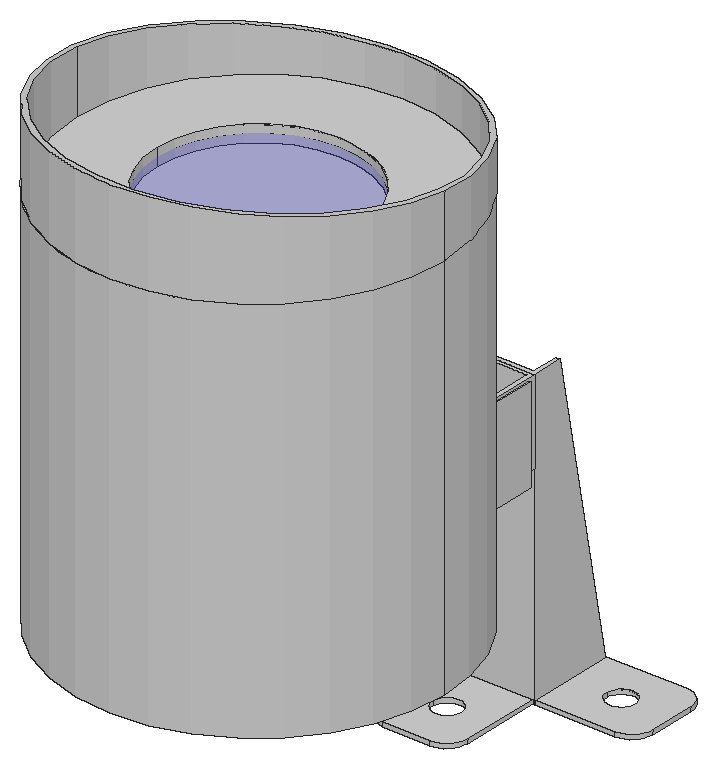
Revit family "шаблон семейства 2017", category Датчики, Revit 2017
Family settings
  Сохранять ориентацию аннотаций = Нет
  Размер круглого соединителя = Использовать диаметр
  Тип детали = Нормальный
  На основе рабочей плоскости = Нет
  Всегда вертикально = Нет
  При загрузке вырезать с полостями = Нет
  Общий = Нет
  Точка расчета площади = Нет
Parameters (values of type "STS-103 Извещатель охранный")
  угол поворота [instance] = 0.00°
  Ширина/высота зоны обнаружения на дистанции 50 метров, м = "3/2"
  Устойчивость к белому свету, не менее, Лк = 20000
  Смещение_УГО_Y [instance] = 1000 mm
  Смещение_УГО_X [instance] = 1000 mm
  Режим работы = "круглосуточный"
  Раздел проекта [instance] = ""
  Раздел Спецификации [instance] = ""
  Потребляемый ток, не более, мА, при напряжении электропитания 9В = "0,006"
  Потребляемый ток, не более, мА, при напряжении электропитания 30В = 0.003
  Потребляемый ток, не более, мА, при напряжении электропитания 12В = 0.005
  Потребляемый ток, не более, мА, при напряжении электропитания = "9В"
  Наработка на ложное срабатывание, ч = 1200
  Напряжение электропитания постоянного тока, В = "9-30"
  Исполнительное реле коммутируемый ток, не более, А = 0.13 A
  Исполнительное реле коммутируемое напряжение, не более, В = 72
  Исполнение = "IP65"
  Информационный выход = "Релейный, RS-485"
  Зона обнаружения извещателя, не более, м = 50 mm
  Длительность тревожного извещения, не менее, с = 5
  Диапазон регистрируемых скоростей нарушителя, м/с = "от 0,1 до 5"
  Диапазон рабочих температур, °С = "-40…+50"
  Время готовности после включения, не более, с = 50
  Время восстановления режима готовности после срабатывания, не более, с = 10
  Видимость зоны обнаружения = yes
  В_Смещение_УГО_Y [instance] = Смещение_УГО_Y + 2000 mm  # 3000 mm
  В_Смещение_УГО_X [instance] = Смещение_УГО_X + 2000 mm  # 3000 mm
  d_короба = 20 mm
  ADSK_Размер_Ширина = 90 mm
  ADSK_Размер_Длина = 165 mm
  ADSK_Размер_Высота = 95 mm
  ADSK_Примечание = ""
  ADSK_Наименование = "Извещатель охранный STS-103"
  ADSK_Масса = 0.9
  ADSK_Марка = "СТВФ.426479.056"
  ADSK_Количество = 1
  ADSK_Завод-изготовитель = "ООО «Основа Безопасности»"  # constant formula
  ADSK_Единица измерения = "шт."  # constant formula
  ADSK_URL страницы изделия = "https://stilsoft.ru/products/sts-103"
  ADSK_URL документации изделия = ""
Reference planes
  plane 1 "По центру (Вперед/Назад)": y = 0
  plane 2: z = 0
  plane 3 "По центру (Влево/Вправо)": x = 0
  plane 4: y = 2000
  plane 5: x = -2000
  plane 6: x = 1000
  plane 7: y = -1000
  plane 8: y = -12.5
  plane 9: y = -8.669
  plane 10: z = 59.508
  plane 11: y = -111.907
Forms (mm)
  Extrusion 1, solid, material "По умолчанию", detail levels medium+fine
    sketch origin (0, 21, 0) x (1, 0, 0) y (0, 1, 0)
      loop
        arc (-30, 0) -> (-33.536, -1.464) -> (-35, -5) r 5
        line (-35, -5) -> (-35, -16)
        arc (-35, -16) -> (-33.536, -19.536) -> (-30, -21) r 5
        line (-30, -21) -> (-11, -21) -> (-11, 0) -> (-30, 0)
      loop
        circle (-23, -10.5) r 3.435
      loop
        line (30, 0) -> (11, 0) -> (11, -21) -> (30, -21)
        arc (30, -21) -> (33.536, -19.536) -> (35, -16) r 5
        line (35, -16) -> (35, -5)
        arc (35, -5) -> (33.536, -1.464) -> (30, 0) r 5
      loop
        circle (23, -10.5) r 3.435
      loop
        line (10.37, -40.071) -> (10.5, -21.072) -> (-10.5, -20.928) -> (-10.63, -39.928)
        arc (-10.63, -39.928) -> (-9.189, -43.473) -> (-5.664, -44.962) r 5
        line (-5.664, -44.962) -> (5.336, -45.037)
        arc (5.336, -45.037) -> (8.881, -43.597) -> (10.37, -40.071) r 5
      loop
        circle (-0.082, -33) r 3.435
    from 0 to 1
  Blend 2, solid, material "По умолчанию", detail levels medium+fine
    base sketch origin (0, 21, 0) x (1, 0, 0) y (0, 1, 0)
      loop
        line (-11, 0) -> (-11, -21) -> (11, -21) -> (11, 0) -> (10.004, 0) -> (10.004, -20.007) -> (-9.967, -20.007) -> (-9.967, 0) -> (-11, 0)
    top sketch origin (0, 21, 0) x (1, 0, 0) y (0, 1, 0)
      loop
        line (-11, -13.68) -> (-11, -21) -> (11, -21) -> (11, -13.68) -> (10.004, -13.68) -> (10.004, -20.007) -> (-9.967, -20.007) -> (-9.967, -13.68) -> (-11, -13.68)
    from 0 to 70
  Extrusion 3, solid, material "По умолчанию", detail levels medium+fine
    sketch origin (0, 21, 0) x (1, 0, 0) y (0, 1, 0)
      loop
        line (-11, -21) -> (-11, -45) -> (-10, -45) -> (-10, -22) -> (10, -22) -> (10, -45) -> (11, -45) -> (11, -21) -> (-11, -21)
    from 50 to 70
Lines and regions (mm)
  reference lines
    curve 1: line (0, -12.5, 59.508) -> (0, -12.5, 139.508)
Dimensions and locks
  locked: plane 4 to plane 1 "По центру (Вперед/Назад)" at 2000
  locked: plane 5 to plane 3 "По центру (Влево/Вправо)" at 2000
  "В_Смещение_УГО_X": plane 5 to plane 6
  "В_Смещение_УГО_Y": plane 4 to plane 7
  locked: plane 8 to plane 9 at 3.831
  "угол поворота": angle plane 9 to curve 1
  aligned and locked: level to plane 2
  aligned and locked: plane 10 to curve 1
  aligned and locked: plane 8 to curve 1
  aligned and locked: nested 1 to curve 1
Automatic sketch dimensions
  Extrusion 1 sketch curve to plane 1 "По центру (Вперед/Назад)" = 21 mm  (x2)
  Extrusion 1 sketch curve to Extrusion 1 sketch curve = 7 mm  (x3)
  Extrusion 1 sketch curve to plane 3 "По центру (Влево/Вправо)" = 10.63 mm
  Extrusion 1 sketch curve to plane 3 "По центру (Влево/Вправо)" = 10.5 mm
  Extrusion 1 sketch curve to Extrusion 1 sketch curve = 4.966 mm  (x2)
  Extrusion 1 sketch curve to Extrusion 1 sketch curve = 5 mm  (x3)
  Extrusion 1 sketch curve to Extrusion 1 sketch curve = 5.548 mm
  Extrusion 1 sketch curve to Extrusion 1 sketch curve = 0.034 mm
  Extrusion 1 sketch curve to plane 1 "По центру (Вперед/Назад)" = 16 mm
  Extrusion 1 sketch curve to Extrusion 1 sketch curve = 5.5 mm  (x3)
  Extrusion 1 sketch curve to Extrusion 1 sketch curve = 11 mm
  plane 1 "По центру (Вперед/Назад)" to Extrusion 1 sketch curve = 24.037 mm
  Extrusion 1 sketch curve to Extrusion 1 sketch curve = 0.075 mm
  Extrusion 1 sketch curve to Extrusion 1 sketch curve = 6.962 mm
  Extrusion 1 sketch curve to plane 3 "По центру (Влево/Вправо)" = 11 mm
  plane 3 "По центру (Влево/Вправо)" to Extrusion 1 sketch curve = 11 mm
  Blend 2 sketch curve to plane 1 "По центру (Вперед/Назад)" = 21 mm  (x2)
  Blend 2 sketch curve to plane 3 "По центру (Влево/Вправо)" = 11 mm  (x2)
  plane 3 "По центру (Влево/Вправо)" to Blend 2 sketch curve = 10.004 mm  (x2)
  Blend 2 sketch curve to Blend 2 sketch curve = 0.996 mm  (x2)
  plane 1 "По центру (Вперед/Назад)" to Blend 2 sketch curve = 0 mm  (x2)
  Blend 2 sketch curve to Blend 2 sketch curve = 1.033 mm  (x2)
  Blend 2 sketch curve to Blend 2 sketch curve = 0.993 mm  (x2)
  Blend 2 sketch curve to Blend 2 sketch curve = 6.327 mm  (x2)
  Extrusion 3 sketch curve to plane 3 "По центру (Влево/Вправо)" = 11 mm
  Extrusion 3 sketch curve to Extrusion 3 sketch curve = 1 mm  (x3)
  plane 3 "По центру (Влево/Вправо)" to Extrusion 3 sketch curve = 10 mm
  plane 1 "По центру (Вперед/Назад)" to Extrusion 3 sketch curve = 1 mm
  Extrusion 3 sketch curve to Extrusion 3 sketch curve = 23 mm
  Extrusion 3 sketch curve to Extrusion 3 sketch curve = 0 mm
  plane 1 "По центру (Вперед/Назад)" to Extrusion 1 sketch curve = 0 mm  (x2)
  plane 3 "По центру (Влево/Вправо)" to Extrusion 1 sketch curve = 5.336 mm
  plane 1 "По центру (Вперед/Назад)" to Extrusion 1 sketch curve = 0.072 mm
  Extrusion 1 sketch curve to Extrusion 1 sketch curve = 12 mm  (x2)
  radius of Extrusion 1 sketch curve = 3.435 mm  (x3)
Nested families
  nested 1: "103" at (0, -12.5, 69.508) x (1, 0, 0) z (0, -1, 0), type "103"
  nested 2: "Зона действия обнаружения" at (10.033, -69, 133.611) x (0, 1, 0) z (0, 0, 1), visible <- "Видимость зоны обнаружения", type "Зона действия обнаужения", detail levels medium+fine
    with Угол по горизонтали 22.00°, Угол по вертикали 17.00°, В_Угол по горизонтали 22.00°, L2 50130.391 mm, L1 100 mm, L 50130.391 mm, Hv1 30.041 mm, Hv 15059.467 mm, Hg1 38.876 mm, H 15059.467 mm, D 19488.722 mm
Connectors
  cabletrayconduit at (0, -67.907, 43.551), diameter 20, driven by "d_короба"
    settings: on nested 1, index 1, connector width 300 mm, connector height 300 mm, connector angle 0.00°, system type 32, placement type 0, profile type 0, connector reference index -1, is primary connector yes, connector utility param no, connector description ""
  electrical at (0, -67.907, 43.551)
    settings: on nested 1, index 2, voltage 0 V, apparent load 0 VA, apparent load phase1 0 VA, apparent load phase2 0 VA, apparent load phase3 0 VA, power factor 1, load classification "Прочее", number of poles 1, system type 14, power factor state 1, is connector primary yes, connector utility no, sub classification motor no, connector description ""
Definition of nested family "103"
  Parameters (values of type "103")
    Default Elevation = 1219.2 mm
  Reference planes
    plane 1 "По центру (Вперед/Назад)": y = 0
    plane 2: z = 0
    plane 3 "По центру (Влево/Вправо)": x = 0
  Forms (mm)
    Extrusion 1, solid, detail levels medium+fine
      sketch origin (0, 0, 1.407) x (1, 0, 0) y (0, 0, 1)
        loop
          line (-11.503, 11) -> (-11.503, -12) -> (-10.503, -12) -> (-10.503, 10)
          arc (-10.503, 10) -> (-0.001, 8.761) -> (10.5, 10) r 45.114
          line (10.5, 10) -> (10.5, -12) -> (11.5, -12) -> (11.5, 11) -> (10.5, 11)
          arc (10.5, 11) -> (-0.001, 9.629) -> (-10.503, 11) r 40.909
          line (-10.503, 11) -> (-11.503, 11)
      from 0 to 22.61
    Extrusion 2, solid, detail levels medium+fine
      sketch origin (0, 0, 0) x (1, 0, 0) y (0, 0, 1)
        loop
          circle (0, 55.407) r 44
      from -66 to 25.958
    Extrusion 3, void, detail levels medium+fine
      sketch origin (0, 0, 0) x (1, 0, 0) y (0, 0, 1)
        loop
          circle (0, 55.407) r 24
      from -66 to -62
    Extrusion 4, solid, detail levels medium+fine
      sketch origin (0, 0, 0) x (1, 0, 0) y (0, 0, 1)
        loop
          circle (0, 55.407) r 44
        loop
          circle (0, 55.407) r 42.819
      from -66 to -86
    Extrusion 5, void, detail levels medium+fine
      sketch origin (0, 0, 0) x (0, 1, 0) y (0, 0, 1)
        loop
          line (86.16, 100.827) -> (74.772, 6.784) -> (89.772, 6.784) -> (89.772, 101.784) -> (86.16, 100.827)
      from -48.302 to 50
    Extrusion 6, solid, detail levels medium+fine
      sketch origin (0, 0, 0) x (1, 0, 0) y (0, 0, 1)
        loop
          circle (0, 55.407) r 24
      from -64.103 to -62
  Cuts and joins
    Extrusion 3 cuts Extrusion 2
    Extrusion 5 cuts Extrusion 4
  Dimensions and locks
    aligned and locked: level to plane 2
Definition of nested family "Зона действия обнаружения"
  Parameters (values of type "Зона действия обнаужения")
    Угол по горизонтали [instance] = 22.00°
    Угол по вертикали [instance] = ((Угол по горизонтали - Ug_min) * (Uv_max - Uv_min)) / (Ug_max - Ug_min) + Uv_min  # 17.00°
    Default Elevation = 1219.2 mm
    М_ш = 7.2 mm  # constant formula
    В_Угол по горизонтали [instance] = if(and(Угол по горизонтали > 21.99°, not(Угол по горизонтали > 105.01°)), Угол по горизонтали, 1.00°)  # 22.00°
    Uv_min = 17.00°  # constant formula
    Uv_max = 80.00°  # constant formula
    Ug_min = 22.00°  # constant formula
    Ug_max = 105.00°  # constant formula
    Rv = 1944  # constant formula
    R = 2592  # constant formula
    L2 [instance] = D / 2 / tan(Угол по горизонтали / 2)  # 50130.391 mm
    L1 [instance] = 100 mm
    L [instance] = L2  # 50130.391 mm
    K = 133
    Hv1 [instance] = L1 / L2 * Hv  # 30.041 mm
    Hv [instance] = D * Угол по вертикали / Угол по горизонтали  # 15059.467 mm
    Hg1 [instance] = L1 / L2 * D  # 38.876 mm
    H [instance] = Hv  # 15059.467 mm
    F_min = 2.8 mm  # constant formula
    F_max = 12 mm  # constant formula
    F = 12 mm
    D [instance] = R / K * 1000 mm  # 19488.722 mm
  Reference planes
    plane 1 "По центру (Вперед/Назад)": y = 0
    plane 2: z = 0
    plane 3 "По центру (Влево/Вправо)": x = 0
    plane 4 "L1": z = 100
  Forms (mm)
    Blend 1, void, detail levels medium+fine
      base sketch origin (0, 0, 0) x (1, 0, 0) y (0, 1, 0)
        loop
          line (-19.438, 15.02) -> (-19.438, -15.02) -> (19.438, -15.02) -> (19.438, 15.02) -> (-19.438, 15.02)
      top sketch origin (0, 0, 0) x (1, 0, 0) y (0, 1, 0)
        loop
          line (-9744.361, 7529.733) -> (-9744.361, -7529.733) -> (9744.361, -7529.733) -> (9744.361, 7529.733) -> (-9744.361, 7529.733)
      from 100 to 50130.391
  Lines and regions (mm)
    model lines, detail levels medium+fine
      curve 1: line (9744.361, 7529.733, 50130.391) -> (-9744.361, 7529.733, 50130.391)
      curve 2: line (-9744.361, 7529.733, 50130.391) -> (-9744.361, -7529.733, 50130.391)
      curve 3: line (-9744.361, -7529.733, 50130.391) -> (9744.361, -7529.733, 50130.391)
      curve 4: line (9744.361, -7529.733, 50130.391) -> (9744.361, 7529.733, 50130.391)
      curve 5: line (-9744.361, -7529.733, 50130.391) -> (-19.438, -15.02, 100)
      curve 7: line (-19.438, 15.02, 100) -> (-9744.361, 7529.733, 50130.391)
      curve 8: line (9744.361, 7529.733, 50130.391) -> (19.438, 15.02, 100)
      curve 10: line (19.438, -15.02, 100) -> (9744.361, -7529.733, 50130.391)
    model lines
      curve 6: line (-19.438, -15.02, 100) -> (-19.438, 15.02, 100)
      curve 9: line (19.438, 15.02, 100) -> (19.438, -15.02, 100)
  Dimensions and locks
    "L1": plane 4 "L1" to level
    equal spacing: Blend 1 sketch curve, plane 3 "По центру (Влево/Вправо)", Blend 1 sketch curve  (x2)
    equal spacing: Blend 1 sketch curve, plane 1 "По центру (Вперед/Назад)", Blend 1 sketch curve  (x2)
    "H": Blend 1 sketch curve to Blend 1 sketch curve
    "D": Blend 1 sketch curve to Blend 1 sketch curve
    "Hg1": Blend 1 sketch curve to Blend 1 sketch curve
    "Hv1": Blend 1 sketch curve to Blend 1 sketch curve
    "L": Blend 1 to plane 2
    aligned and locked: level to plane 2
    aligned and locked: Blend 1 to curve 1
    aligned and locked: Blend 1 to curve 3
    aligned and locked: Blend 1 to curve 2
    aligned and locked: Blend 1 to curve 4
  Automatic sketch dimensions
    curve 1 to Blend 1 = 0 mm  (x2)
    curve 3 to Blend 1 = 0 mm
    curve 2 to Blend 1 = 0 mm
    Blend 1 to curve 5 = 0 mm
    curve 5 to Blend 1 = 0 mm  (x3)
    curve 7 to Blend 1 = 0 mm  (x3)
    curve 8 to Blend 1 = 0 mm  (x2)
    curve 10 to Blend 1 = 0 mm  (x3)
    curve 9 to Blend 1 = 0 mm
    Blend 1 to curve 8 = 0 mm
